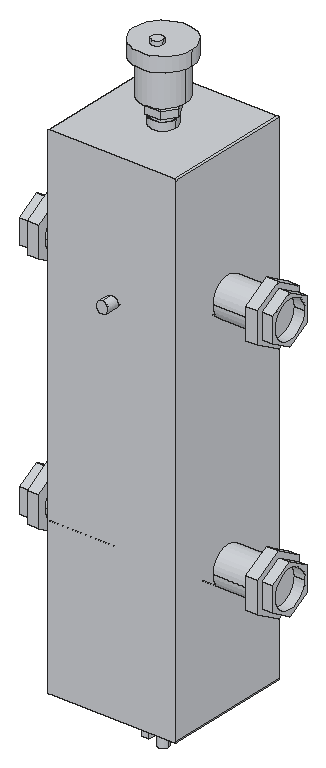
Revit family "307_4613999cdd7b489490dcd40d072a99", category Pipe Accessories, Revit 2022
Family settings
  Round Connector Dimension = Use Diameter
  Part Type = Breaks Into
  Work Plane-Based = No
  Always vertical = Yes
  Cut with Voids When Loaded = No
  Shared = No
Parameters (values of type "2161 2")
  magiProductId = "b220c5fcef844040a3b514db8edb1e"
  magiProductFamilyId = "4613999cdd7b489490dcd40d072a99"
  magiPartTypeId = 307
  isMeasuringValve [instance] = no
  ang2D [instance] = 0.00°
  W2D = 25 mm
  VersionID = "2.0/2018.5.23.1/FAR_2161_001"
  Use Minimum Symbol Size [instance] = yes
  TR1 = 38.25 mm
  TR = 29.75 mm
  RT2 = 15.3 mm
  RT1 = 20.4 mm
  RT = 7.5 mm
  RR3 = 15 mm
  RR = 17 mm
  R2 = 7.5 mm
  R = 25 mm
  QmdConnectorList = "301;D;302;D"
  Productdata [instance] = "© MagiCAD Group, all rights reserved"
  NR1 = 9.375 mm
  NR = 6.75 mm
  Manufacturer = "FAR"
  Maintenance Zone Under Depth [instance] = 564 mm
  Maintenance Zone Right Depth [instance] = 335 mm
  Maintenance Zone Over Depth [instance] = 280 mm
  Maintenance Zone Left Depth [instance] = 335 mm
  Maintenance Zone Front Depth [instance] = 101 mm
  Maintenance Zone Back Depth [instance] = 85 mm
  Maintenance Zone Front Visibility [instance] = no
  MC Product Code = "2161 2"
  LM = 275 mm
  LL = 167.5 mm
  L2D_Min = 3048 mm
  L2D = 201 mm
  L1__ve = -L1  # -15 mm
  L1 = 15 mm
  H__ve = -H  # -101 mm
  HT1 = 175 mm
  H = 101 mm
  G2__ve = -G2  # -170 mm
  G2 = 170 mm
  G = 85 mm
  FT__ve = -FT  # -15 mm
  FT = 15 mm
  ER = 4.75 mm
  EE = 8 mm
  E4 = 9.5 mm
  E3 = 19 mm
  E2 = 47.5 mm
  E12__ve = -E12  # -10 mm
  E12 = 10 mm
  Description = "Hydraulic separator, female unions, air vent and drain valve"
  Default Elevation = 0 mm
  DM3 = 40 mm
  DM2 = 32.5 mm
  D = 50 mm
  CenSd_RT2_6 = RT2 * cos(30.00°)  # 13.25 mm
  CenSd_RT1_6 = RT1 * cos(30.00°)  # 17.667 mm
  CenSd_DM3_6 = DM3 * cos(30.00°)  # 34.641 mm
  CenSd_DM2_6 = DM2 * cos(30.00°)  # 28.146 mm
  Clearance Zone Height Depth [instance] = 280 mm
  Clearance Zone Circular Radius [instance] = 167.5 mm
  Clearance Zone Visibility [instance] = no
  C = 320 mm
  B = 185 mm
Types (4, lengths in mm): name | magiProductId | TR1 | TR | RT2 | RT1 | RR | R | Productdata | Maintenance Zone Under Depth | Maintenance Zone Right Depth | Maintenance Zone Over Depth | Maintenance Zone Left Depth | Maintenance Zone Front Depth | Maintenance Zone Back Depth | MC Product Code | LM | LL | H__ve | HT1 | H | G2__ve | G2 | G | DM3 | DM2 | D | CenSd_RT2_6 | CenSd_RT1_6 | CenSd_DM3_6 | CenSd_DM2_6 | Clearance Zone Height Depth | Clearance Zone Circular Radius | C | B
  2161 1 | "da555b7985444e7baef8a66cbeeef3" | 27 | 21 | 10.8 | 14.4 | 12 | 12.5 | "© Progman Oy, all rights reserved" | 413 | 201 | 230 | 201 | 77 | 60 | "2161 1" | 141 | 100.5 | -77 | 125 | 77 | -120 | 120 | 60 | 20 | 16.25 | 25 | 9.353 | 12.471 | 17.321 | 14.073 | 230 | 101 | 220 | 135
  2161 112 | "b5faa296af4049c9aea8528f049d89" | 33.75 | 26.25 | 13.5 | 18 | 15 | 20 | "© Progman Oy, all rights reserved" | 474 | 264 | 250 | 264 | 91 | 75 | "2161 112" | 204 | 132 | -91 | 145 | 91 | -150 | 150 | 75 | 32 | 26 | 40 | 11.691 | 15.588 | 27.713 | 22.517 | 250 | 132 | 260 | 155
  2161 114 | "f38e94c4566840a985c9f7a9fe6514" | 29.25 | 22.75 | 11.7 | 15.6 | 13 | 16 | "© Progman Oy, all rights reserved" | 444 | 236 | 240 | 236 | 81 | 65 | "2161 114" | 176 | 118 | -81 | 135 | 81 | -130 | 130 | 65 | 25.6 | 20.8 | 32 | 10.132 | 13.51 | 22.17 | 18.013 | 230 | 118 | 240 | 145
  2161 2 | "b220c5fcef844040a3b514db8edb1e" | 38.25 | 29.75 | 15.3 | 20.4 | 17 | 25 | "© MagiCAD Group, all rights reserved" | 564 | 335 | 280 | 335 | 101 | 85 | "2161 2" | 275 | 167.5 | -101 | 175 | 101 | -170 | 170 | 85 | 40 | 32.5 | 50 | 13.25 | 17.667 | 34.641 | 28.146 | 280 | 167.5 | 320 | 185
Reference planes
  plane 1 "Center (Front/Back)": y = 0
  plane 2 "XYPLANE": z = 0
  plane 3 "Center (Left/Right)": x = 0
  plane 4 "619": y = -10
  plane 5 "617": z = 275.25
  plane 6 "616": z = 256.25
  plane 7 "615": z = 208.75
  plane 8 "614": z = 199.25
  plane 9 "613": z = 189.75
  plane 10 "612": z = 185
  plane 11 "574": z = -540
  plane 12 "555": x = -137.5
  plane 13 "554": x = -152.5
  plane 14 "548": y = 85
  plane 15 "547": x = 85
  plane 16 "516": y = -101
  plane 17 "515": y = 85
  plane 18 "514": x = -335
  plane 19 "513": x = 335
  plane 20 "512": z = -564
  plane 21 "511": z = 280
  plane 22 "506": z = -509
  plane 23 "505": z = -522
  plane 24 "504": z = -542
  plane 25 "503": z = -507
  plane 26 "502": z = -517
  plane 27 "482": z = -530
  plane 28 "470": x = -5
  plane 29 "469": x = 5
  plane 30 "464": y = -20
  plane 31 "425": z = -495
  plane 32 "421": z = -505
  plane 33 "412": x = -85
  plane 34 "410": z = 175
  plane 35 "399": z = -320
  plane 36 "309": x = 152.5
  plane 37 "77": y = 0
  plane 38 "76": z = 0
  plane 39 "75": x = 0
  plane 40 "74": x = -167.5
  plane 41 "73": x = 167.5
Forms (mm)
  Extrusion 1, solid
    sketch origin (-750, 0, 275.25) x (1, 0, 0) y (0, 1, 0)
      loop
        circle (750, -10) r 7.5
    from 0 to 4.75 <- "ER"
  Extrusion 2, solid
    sketch origin (-750, 0, 256.25) x (1, 0, 0) y (0, 1, 0)
      loop
        circle (750, 0) r 38.25
    from 0 to 19 <- "E3"
  Extrusion 3, solid
    sketch origin (-750, 0, 208.75) x (1, 0, 0) y (0, 1, 0)
      loop
        circle (750, 0) r 29.75
    from 0 to 47.5 <- "E2"
  Extrusion 4, solid
    sketch origin (-750, 0, 199.25) x (1, 0, 0) y (0, 1, 0)
      loop
        line (765.3, 0) -> (757.65, 13.25) -> (742.35, 13.25) -> (734.7, 0) -> (742.35, -13.25) -> (757.65, -13.25) -> (765.3, 0)
    from 0 to 9.5 <- "E4"
  Extrusion 5, solid
    sketch origin (-750, 0, 189.75) x (1, 0, 0) y (0, 1, 0)
      loop
        line (770.4, 0) -> (760.2, 17.667) -> (739.8, 17.667) -> (729.6, 0) -> (739.8, -17.667) -> (760.2, -17.667) -> (770.4, 0)
    from 0 to 9.5 <- "E4"
  Extrusion 6, solid
    sketch origin (-750, 0, 185) x (1, 0, 0) y (0, 1, 0)
      loop
        circle (750, 0) r 15.3
    from 0 to 4.75 <- "ER"
  Extrusion 7, solid
    sketch origin (167.5, -750, 0) x (0, 1, 0) y (0, 0, 1)
      loop
        line (750, -287.5) -> (721.854, -303.75) -> (721.854, -336.25) -> (750, -352.5) -> (778.146, -336.25) -> (778.146, -303.75) -> (750, -287.5)
      loop
        circle (750, -320) r 25
    from 0 to -15 <- "FT__ve"
  Extrusion 8, solid
    sketch origin (167.5, -750, 0) x (0, 1, 0) y (0, 0, 1)
      loop
        line (750, 32.5) -> (721.854, 16.25) -> (721.854, -16.25) -> (750, -32.5) -> (778.146, -16.25) -> (778.146, 16.25) -> (750, 32.5)
      loop
        circle (750, 0) r 25
    from 0 to -15 <- "FT__ve"
  Extrusion 9, solid
    sketch origin (-167.5, -750, 0) x (0, 1, 0) y (0, 0, 1)
      loop
        line (750, 32.5) -> (721.854, 16.25) -> (721.854, -16.25) -> (750, -32.5) -> (778.146, -16.25) -> (778.146, 16.25) -> (750, 32.5)
      loop
        circle (750, 0) r 25
    from 0 to 15 <- "FT"
  Extrusion 10, solid
    sketch origin (-167.5, -750, 0) x (0, 1, 0) y (0, 0, 1)
      loop
        line (750, -287.5) -> (721.854, -303.75) -> (721.854, -336.25) -> (750, -352.5) -> (778.146, -336.25) -> (778.146, -303.75) -> (750, -287.5)
      loop
        circle (750, -320) r 25
    from 0 to 15 <- "FT"
  Extrusion 11, solid
    sketch origin (-750, 0, -530) x (1, 0, 0) y (0, 1, 0)
      loop
        circle (750, 0) r 15
    from 0 to -10
  Extrusion 12, solid
    sketch origin (-750, 0, -540) x (1, 0, 0) y (0, 1, 0)
      loop
        circle (750, 0) r 6.75
    from 0 to -24
  Extrusion 13, solid
    sketch origin (-152.5, -750, 0) x (0, 1, 0) y (0, 0, 1)
      loop
        line (750, -280) -> (715.359, -300) -> (715.359, -340) -> (750, -360) -> (784.641, -340) -> (784.641, -300) -> (750, -280)
    from 0 to 15 <- "L1"
  Extrusion 14, solid
    sketch origin (-152.5, -750, 0) x (0, 1, 0) y (0, 0, 1)
      loop
        line (750, 40) -> (715.359, 20) -> (715.359, -20) -> (750, -40) -> (784.641, -20) -> (784.641, 20) -> (750, 40)
    from 0 to 15 <- "L1"
  Extrusion 15, solid
    sketch origin (152.5, -750, 0) x (0, 1, 0) y (0, 0, 1)
      loop
        line (750, -280) -> (715.359, -300) -> (715.359, -340) -> (750, -360) -> (784.641, -340) -> (784.641, -300) -> (750, -280)
    from 0 to -15 <- "L1__ve"
  Extrusion 16, solid
    sketch origin (152.5, -750, 0) x (0, 1, 0) y (0, 0, 1)
      loop
        line (750, 40) -> (715.359, 20) -> (715.359, -20) -> (750, -40) -> (784.641, -20) -> (784.641, 20) -> (750, 40)
    from 0 to -15 <- "L1__ve"
  Extrusion 17, solid
    sketch origin (750, 85, 0) x (-1, 0, 0) y (0, 0, 1)
      loop
        arc (833, -495) -> (834.414, -494.414) -> (835, -493) r 2
        line (835, -493) -> (835, 173)
        arc (835, 173) -> (834.414, 174.414) -> (833, 175) r 2
        line (833, 175) -> (667, 175)
        arc (667, 175) -> (665.586, 174.414) -> (665, 173) r 2
        line (665, 173) -> (665, -493)
        arc (665, -493) -> (665.586, -494.414) -> (667, -495) r 2
        line (667, -495) -> (833, -495)
    from 0 to -170 <- "G2__ve"
  Blend 18, solid, visible <- "Maintenance Zone Front Visibility"
    base sketch origin (-750, 0, 280) x (1, 0, 0) y (0, 1, 0)
      loop
        line (415, -101) -> (1085, -101) -> (1085, 85) -> (415, 85) -> (415, -101)
    top sketch origin (-750, 0, 280) x (1, 0, 0) y (0, 1, 0)
      loop
        line (415, -101) -> (1085, -101) -> (1085, 85) -> (415, 85) -> (415, -101)
    from 0 to -844
  Extrusion 19, solid, visible <- "Clearance Zone Visibility"
    sketch origin (-750, 0, 0) x (1, 0, 0) y (0, 1, 0)
      loop
        circle (750, 0) r 167.5
    from 0 to 280 <- "Clearance Zone Height Depth"
  Extrusion 20, solid
    sketch origin (750, 0, 0) x (-1, 0, 0) y (0, 0, 1)
      loop
        circle (750, -517) r 8
    from 0 to -20
  Extrusion 21, solid
    sketch origin (750, -20, 0) x (-1, 0, 0) y (0, 0, 1)
      loop
        line (755, -509) -> (755, -507) -> (745, -507) -> (745, -509)
        arc (745, -509) -> (740, -515.5) -> (745, -522) r 6.725
        line (745, -522) -> (745, -542) -> (755, -542) -> (755, -522)
        arc (755, -522) -> (760, -515.5) -> (755, -509) r 6.725
    from 0 to -10
  Extrusion 22, solid
    sketch origin (-750, 0, -495) x (1, 0, 0) y (0, 1, 0)
      loop
        circle (750, 0) r 17
    from 0 to -10 <- "E12__ve"
  Extrusion 23, solid
    sketch origin (-750, 0, -505) x (1, 0, 0) y (0, 1, 0)
      loop
        circle (750, 0) r 9.375
    from 0 to -25
  Extrusion 24, solid
    sketch origin (750, 0, 0) x (-1, 0, 0) y (0, 0, 1)
      loop
        circle (750, 0) r 7.5
    from 0 to -101 <- "H__ve"
  Extrusion 25, solid
    sketch origin (-750, 0, 175) x (1, 0, 0) y (0, 1, 0)
      loop
        circle (750, 0) r 17
    from 0 to 10 <- "E12"
  Extrusion 26, solid
    sketch origin (-137.5, -750, 0) x (0, 1, 0) y (0, 0, 1)
      loop
        circle (750, -320) r 25
    from 0 to 275 <- "LM"
  Extrusion 27, solid
    sketch origin (-137.5, -750, 0) x (0, 1, 0) y (0, 0, 1)
      loop
        circle (750, 0) r 25
    from 0 to 275 <- "LM"
  Extrusion 28, solid, not visible
    sketch origin (-167.5, -750, 0) x (0, 1, 0) y (0, 0, 1)
      loop
        circle (750, 0) r 10
    from 0 to 10
  Extrusion 29, solid, not visible
    sketch origin (167.5, -750, 0) x (0, 1, 0) y (0, 0, 1)
      loop
        circle (750, 0) r 10
    from 0 to -10
Lines and regions (mm)
  reference lines, not visible
    curve 1: circle (2, 2, 0) r 1 normal (0, 0, 1)
  reference lines
    curve 2: line (0, 0, 199.25) -> (-2.7, -4.677, 199.25)
    curve 3: line (0, 0, 199.25) -> (-5.4, 0, 199.25)
    curve 4: line (0, 0, 199.25) -> (-2.7, 4.677, 199.25)
    curve 5: line (0, 0, 189.75) -> (-3.6, -6.235, 189.75)
    curve 6: line (0, 0, 189.75) -> (-7.2, 0, 189.75)
    curve 7: line (0, 0, 189.75) -> (-3.6, 6.235, 189.75)
    curve 8: line (167.5, 0, -320) -> (167.5, -7.036, -324.063)
    curve 9: line (167.5, 0, -320) -> (167.5, 0, -328.125)
    curve 10: line (167.5, 0, -320) -> (167.5, 7.036, -324.063)
    curve 11: line (167.5, 0, 0) -> (167.5, -7.036, -4.063)
    curve 12: line (167.5, 0, 0) -> (167.5, 0, -8.125)
    curve 13: line (167.5, 0, 0) -> (167.5, 7.036, -4.063)
    curve 14: line (-167.5, 0, 0) -> (-167.5, 7.036, -4.062)
    curve 15: line (-167.5, 0, 0) -> (-167.5, 0, -8.125)
    curve 16: line (-167.5, 0, 0) -> (-167.5, -7.036, -4.062)
    curve 17: line (-167.5, 0, -320) -> (-167.5, 7.036, -324.063)
    curve 18: line (-167.5, 0, -320) -> (-167.5, 0, -328.125)
    curve 19: line (-167.5, 0, -320) -> (-167.5, -7.036, -324.063)
    curve 20: line (-152.5, 0, -320) -> (-152.5, 8.66, -325)
    curve 21: line (-152.5, 0, -320) -> (-152.5, 0, -330)
    curve 22: line (-152.5, 0, -320) -> (-152.5, -8.66, -325)
    curve 23: line (-152.5, 0, 0) -> (-152.5, 8.66, -5)
    curve 24: line (-152.5, 0, 0) -> (-152.5, 0, -10)
    curve 25: line (-152.5, 0, 0) -> (-152.5, -8.66, -5)
    curve 26: line (152.5, 0, -320) -> (152.5, -8.66, -325)
    curve 27: line (152.5, 0, -320) -> (152.5, 0, -330)
    curve 28: line (152.5, 0, -320) -> (152.5, 8.66, -325)
    curve 29: line (152.5, 0, 0) -> (152.5, -8.66, -5)
    curve 30: line (152.5, 0, 0) -> (152.5, 0, -10)
    curve 31: line (152.5, 0, 0) -> (152.5, 8.66, -5)
    curve 32: line (5, -20, -509) -> (5, -20, -522)
    curve 33: line (-5, -20, -522) -> (-5, -20, -509)
Dimensions and locks
  plane 1 "Center (Front/Back)" to curve 1 = 2 mm
  locked: plane 37 "77" to plane 4 "619" at 10
  "E3": plane 6 "616" to plane 5 "617"
  "E2": plane 7 "615" to plane 6 "616"
  "E4": plane 8 "614" to plane 7 "615"
  "E4": plane 9 "613" to plane 8 "614"
  "ER": plane 10 "612" to plane 9 "613"
  "E12": plane 34 "410" to plane 10 "612"
  locked: plane 27 "482" to plane 11 "574" at 10
  "L1": plane 13 "554" to plane 12 "555"
  "FT": plane 40 "74" to plane 13 "554"
  "G": plane 1 "Center (Front/Back)" to plane 14 "548"
  "G": plane 3 "Center (Left/Right)" to plane 15 "547"
  "Maintenance Zone Front Depth": plane 1 "Center (Front/Back)" to plane 16 "516"
  "Maintenance Zone Back Depth": plane 1 "Center (Front/Back)" to plane 17 "515"
  "Maintenance Zone Left Depth": plane 3 "Center (Left/Right)" to plane 18 "514"
  "Maintenance Zone Right Depth": plane 3 "Center (Left/Right)" to plane 19 "513"
  "Maintenance Zone Under Depth": plane 2 "XYPLANE" to plane 20 "512"
  "Maintenance Zone Over Depth": plane 2 "XYPLANE" to plane 21 "511"
  locked: plane 25 "503" to plane 22 "506" at 2
  locked: plane 24 "504" to plane 23 "505" at 20
  locked: plane 26 "502" to plane 24 "504" at 25
  locked: plane 26 "502" to plane 25 "503" at 10
  locked: plane 32 "421" to plane 26 "502" at 12
  locked: plane 32 "421" to plane 27 "482" at 25
  locked: plane 3 "Center (Left/Right)" to plane 28 "470" at 5
  locked: plane 3 "Center (Left/Right)" to plane 29 "469" at 5
  locked: plane 37 "77" to plane 30 "464" at 20
  "E12": plane 32 "421" to plane 31 "425"
  "B": plane 35 "399" to plane 32 "421"
  "G": plane 3 "Center (Left/Right)" to plane 33 "412"
  "HT1": plane 2 "XYPLANE" to plane 34 "410"
  "C": plane 2 "XYPLANE" to plane 35 "399"
  "FT": plane 41 "73" to plane 36 "309"
  locked: plane 1 "Center (Front/Back)" to plane 37 "77"
  locked: plane 2 "XYPLANE" to plane 38 "76"
  locked: plane 3 "Center (Left/Right)" to plane 39 "75"
  "LL": plane 3 "Center (Left/Right)" to plane 40 "74"
  "LL": plane 3 "Center (Left/Right)" to plane 41 "73"
  "CenSd_RT2_6": curve 2 to Extrusion 4 sketch curve  (x2)
  "CenSd_RT2_6": curve 3 to Extrusion 4 sketch curve  (x2)
  "CenSd_RT2_6": curve 4 to Extrusion 4 sketch curve  (x2)
  Extrusion 4 sketch curve to Extrusion 4 sketch curve = 0 mm  (x12)
  "CenSd_RT1_6": curve 5 to Extrusion 5 sketch curve  (x2)
  "CenSd_RT1_6": curve 6 to Extrusion 5 sketch curve  (x2)
  "CenSd_RT1_6": curve 7 to Extrusion 5 sketch curve  (x2)
  Extrusion 5 sketch curve to Extrusion 5 sketch curve = 0 mm  (x12)
  "CenSd_DM2_6": curve 8 to Extrusion 7 sketch curve  (x2)
  "CenSd_DM2_6": curve 9 to Extrusion 7 sketch curve  (x2)
  "CenSd_DM2_6": curve 10 to Extrusion 7 sketch curve  (x2)
  Extrusion 7 sketch curve to Extrusion 7 sketch curve = 0 mm  (x12)
  "CenSd_DM2_6": curve 11 to Extrusion 8 sketch curve  (x2)
  "CenSd_DM2_6": curve 12 to Extrusion 8 sketch curve  (x2)
  "CenSd_DM2_6": curve 13 to Extrusion 8 sketch curve  (x2)
  Extrusion 8 sketch curve to Extrusion 8 sketch curve = 0 mm  (x12)
  "CenSd_DM2_6": curve 14 to Extrusion 9 sketch curve  (x2)
  "CenSd_DM2_6": curve 15 to Extrusion 9 sketch curve  (x2)
  "CenSd_DM2_6": curve 16 to Extrusion 9 sketch curve  (x2)
  Extrusion 9 sketch curve to Extrusion 9 sketch curve = 0 mm  (x12)
  "CenSd_DM2_6": curve 17 to Extrusion 10 sketch curve  (x2)
  "CenSd_DM2_6": curve 18 to Extrusion 10 sketch curve  (x2)
  "CenSd_DM2_6": curve 19 to Extrusion 10 sketch curve  (x2)
  Extrusion 10 sketch curve to Extrusion 10 sketch curve = 0 mm  (x12)
  "CenSd_DM3_6": curve 20 to Extrusion 13 sketch curve  (x2)
  "CenSd_DM3_6": curve 21 to Extrusion 13 sketch curve  (x2)
  "CenSd_DM3_6": curve 22 to Extrusion 13 sketch curve  (x2)
  Extrusion 13 sketch curve to Extrusion 13 sketch curve = 0 mm  (x12)
  "CenSd_DM3_6": curve 23 to Extrusion 14 sketch curve  (x2)
  "CenSd_DM3_6": curve 24 to Extrusion 14 sketch curve  (x2)
  "CenSd_DM3_6": curve 25 to Extrusion 14 sketch curve  (x2)
  Extrusion 14 sketch curve to Extrusion 14 sketch curve = 0 mm  (x12)
  "CenSd_DM3_6": curve 26 to Extrusion 15 sketch curve  (x2)
  "CenSd_DM3_6": curve 27 to Extrusion 15 sketch curve  (x2)
  "CenSd_DM3_6": curve 28 to Extrusion 15 sketch curve  (x2)
  Extrusion 15 sketch curve to Extrusion 15 sketch curve = 0 mm  (x12)
  "CenSd_DM3_6": curve 29 to Extrusion 16 sketch curve  (x2)
  "CenSd_DM3_6": curve 30 to Extrusion 16 sketch curve  (x2)
  "CenSd_DM3_6": curve 31 to Extrusion 16 sketch curve  (x2)
  Extrusion 16 sketch curve to Extrusion 16 sketch curve = 0 mm  (x12)
  Extrusion 17 sketch curve to Extrusion 17 sketch curve = 0 mm  (x16)
  Blend 18 sketch curve to Blend 18 sketch curve = 0 mm  (x16)
  Extrusion 21 sketch curve to Extrusion 21 sketch curve = 0 mm  (x16)
  "RT": radius of Extrusion 1 sketch curve
  "TR1": radius of Extrusion 2 sketch curve
  "TR": radius of Extrusion 3 sketch curve
  "RT2": radius of Extrusion 6 sketch curve
  "R": radius of Extrusion 7 sketch curve
  "R": radius of Extrusion 8 sketch curve
  "R": radius of Extrusion 9 sketch curve
  "R": radius of Extrusion 10 sketch curve
  "RR3": radius of Extrusion 11 sketch curve
  "NR": radius of Extrusion 12 sketch curve
  radius of Extrusion 17 sketch curve = 2 mm  (x4)
  "Clearance Zone Circular Radius": radius of Extrusion 19 sketch curve
  "EE": radius of Extrusion 20 sketch curve
  "RR": radius of Extrusion 22 sketch curve
  "NR1": radius of Extrusion 23 sketch curve
  "R2": radius of Extrusion 24 sketch curve
  "RR": radius of Extrusion 25 sketch curve
  "R": radius of Extrusion 26 sketch curve
  "R": radius of Extrusion 27 sketch curve
  locked: curve 3 to curve 2 (angle 60.00°)
  locked: curve 4 to curve 3 (angle 60.00°)
  locked: curve 4 to curve 2 (angle 120.00°)
  locked: curve 6 to curve 5 (angle 60.00°)
  locked: curve 7 to curve 6 (angle 60.00°)
  locked: curve 7 to curve 5 (angle 120.00°)
  locked: curve 9 to curve 8 (angle 60.00°)
  locked: curve 10 to curve 9 (angle 60.00°)
  locked: curve 10 to curve 8 (angle 120.00°)
  locked: curve 12 to curve 11 (angle 60.00°)
  locked: curve 13 to curve 12 (angle 60.00°)
  locked: curve 13 to curve 11 (angle 120.00°)
  locked: curve 15 to curve 14 (angle 60.00°)
  locked: curve 16 to curve 15 (angle 60.00°)
  locked: curve 16 to curve 14 (angle 120.00°)
  locked: curve 18 to curve 17 (angle 60.00°)
  locked: curve 19 to curve 18 (angle 60.00°)
  locked: curve 19 to curve 17 (angle 120.00°)
  locked: curve 21 to curve 20 (angle 60.00°)
  locked: curve 22 to curve 21 (angle 60.00°)
  locked: curve 22 to curve 20 (angle 120.00°)
  locked: curve 24 to curve 23 (angle 60.00°)
  locked: curve 25 to curve 24 (angle 60.00°)
  locked: curve 25 to curve 23 (angle 120.00°)
  locked: curve 27 to curve 26 (angle 60.00°)
  locked: curve 28 to curve 27 (angle 60.00°)
  locked: curve 28 to curve 26 (angle 120.00°)
  locked: curve 30 to curve 29 (angle 60.00°)
  locked: curve 31 to curve 30 (angle 60.00°)
  locked: curve 31 to curve 29 (angle 120.00°)
  aligned and locked: level to plane 2 "XYPLANE"
  aligned and locked: plane 4 "619" to Extrusion 1 sketch curve
  aligned and locked: plane 39 "75" to Extrusion 1 sketch curve
  aligned and locked: plane 37 "77" to Extrusion 2 sketch curve
  aligned and locked: plane 39 "75" to Extrusion 2 sketch curve
  aligned and locked: plane 37 "77" to Extrusion 3 sketch curve
  aligned and locked: plane 39 "75" to Extrusion 3 sketch curve
  aligned and locked: plane 37 "77" to curve 4
  aligned and locked: plane 39 "75" to curve 4
  aligned and locked: plane 37 "77" to curve 7
  aligned and locked: plane 39 "75" to curve 7
  aligned and locked: plane 37 "77" to Extrusion 6 sketch curve
  aligned and locked: plane 39 "75" to Extrusion 6 sketch curve
  aligned and locked: plane 35 "399" to curve 10
  aligned and locked: curve 10 to plane 37 "77"
  aligned and locked: plane 35 "399" to Extrusion 7 sketch curve
  aligned and locked: Extrusion 7 sketch curve to plane 37 "77"
  aligned and locked: curve 12 to plane 37 "77"
  aligned and locked: plane 38 "76" to curve 12
  aligned and locked: Extrusion 8 sketch curve to plane 37 "77"
  aligned and locked: plane 38 "76" to Extrusion 8 sketch curve
  aligned and locked: curve 16 to plane 37 "77"
  aligned and locked: plane 38 "76" to curve 16
  aligned and locked: Extrusion 9 sketch curve to plane 37 "77"
  aligned and locked: plane 38 "76" to Extrusion 9 sketch curve
  aligned and locked: plane 35 "399" to curve 18
  aligned and locked: curve 18 to plane 37 "77"
  aligned and locked: plane 35 "399" to Extrusion 10 sketch curve
  aligned and locked: Extrusion 10 sketch curve to plane 37 "77"
  aligned and locked: plane 37 "77" to Extrusion 11 sketch curve
  aligned and locked: plane 39 "75" to Extrusion 11 sketch curve
  aligned and locked: plane 37 "77" to Extrusion 12 sketch curve
  aligned and locked: plane 39 "75" to Extrusion 12 sketch curve
  aligned and locked: plane 35 "399" to curve 22
  aligned and locked: curve 22 to plane 37 "77"
  aligned and locked: curve 24 to plane 37 "77"
  aligned and locked: plane 38 "76" to curve 24
  aligned and locked: plane 35 "399" to curve 28
  aligned and locked: curve 28 to plane 37 "77"
  aligned and locked: curve 30 to plane 37 "77"
  aligned and locked: plane 38 "76" to curve 30
  aligned and locked: Extrusion 17 sketch curve to plane 33 "412"
  aligned and locked: plane 34 "410" to Extrusion 17 sketch curve
  aligned and locked: plane 15 "547" to Extrusion 17 sketch curve
  aligned and locked: Extrusion 17 sketch curve to plane 31 "425"
  aligned and locked: plane 18 "514" to Blend 18 sketch curve  (x4)
  aligned and locked: plane 16 "516" to Blend 18 sketch curve  (x4)
  aligned and locked: plane 17 "515" to Blend 18 sketch curve  (x4)
  aligned and locked: plane 19 "513" to Blend 18 sketch curve  (x4)
  aligned and locked: Blend 18 to plane 20 "512"
  aligned and locked: plane 37 "77" to Extrusion 19 sketch curve
  aligned and locked: plane 39 "75" to Extrusion 19 sketch curve
  aligned and locked: plane 26 "502" to Extrusion 20 sketch curve
  aligned and locked: plane 39 "75" to Extrusion 20 sketch curve
  aligned and locked: Extrusion 21 sketch curve to plane 28 "470"
  aligned and locked: plane 22 "506" to Extrusion 21 sketch curve  (x2)
  aligned and locked: plane 25 "503" to Extrusion 21 sketch curve  (x2)
  aligned and locked: plane 28 "470" to Extrusion 21 sketch curve  (x2)
  aligned and locked: plane 29 "469" to Extrusion 21 sketch curve  (x3)
  aligned and locked: plane 29 "469" to curve 32
  aligned and locked: plane 22 "506" to curve 32
  aligned and locked: plane 23 "505" to curve 32
  aligned and locked: plane 23 "505" to Extrusion 21 sketch curve  (x2)
  aligned and locked: plane 24 "504" to Extrusion 21 sketch curve  (x2)
  aligned and locked: curve 33 to plane 28 "470"
  aligned and locked: plane 23 "505" to curve 33
  aligned and locked: plane 22 "506" to curve 33
  aligned and locked: plane 37 "77" to Extrusion 22 sketch curve
  aligned and locked: plane 39 "75" to Extrusion 22 sketch curve
  aligned and locked: plane 37 "77" to Extrusion 23 sketch curve
  aligned and locked: plane 39 "75" to Extrusion 23 sketch curve
  aligned and locked: plane 38 "76" to Extrusion 24 sketch curve
  aligned and locked: plane 39 "75" to Extrusion 24 sketch curve
  aligned and locked: plane 37 "77" to Extrusion 25 sketch curve
  aligned and locked: plane 39 "75" to Extrusion 25 sketch curve
  aligned and locked: plane 35 "399" to Extrusion 26 sketch curve
  aligned and locked: Extrusion 26 sketch curve to plane 37 "77"
  aligned and locked: Extrusion 27 sketch curve to plane 37 "77"
  aligned and locked: plane 38 "76" to Extrusion 27 sketch curve
  aligned and locked: Extrusion 28 sketch curve to plane 37 "77"
  aligned and locked: plane 38 "76" to Extrusion 28 sketch curve
  aligned and locked: Extrusion 29 sketch curve to plane 37 "77"
  aligned and locked: plane 38 "76" to Extrusion 29 sketch curve
Automatic sketch dimensions
  Extrusion 21 sketch curve to plane 29 "469" = 1.725 mm
  plane 28 "470" to Extrusion 21 sketch curve = 1.725 mm
  Extrusion 28 sketch curve to plane 4 "619" = 0 mm
  Extrusion 29 sketch curve to plane 4 "619" = 0 mm
  plane 3 "Center (Left/Right)" to curve 1 = 2 mm
  radius of curve 1 = 1 mm
Connectors
  piping at (-167.5, 0, 0), diameter 50, driven by "D"
    settings: on Extrusion 28, index 1, connector inside diameter 609.6 mm, connector length 0 mm, flow factor 0, pipe flow 0.0 L/s, pressure drop 0.0 Pa, fitting loss kfactor 0, connector angle 0.00°, fixture units 0, engagement length 0 mm, angle of deflection 0.00°, flow configuration 0, flow direction 0, fitting loss method 0, system type 29, joint type 0, gender type 0, connector reference index 2, connector utility 0, adjustable connector no, is connector primary yes, connector description ""
  piping at (167.5, 0, 0), diameter 50, driven by "D"
    settings: on Extrusion 29, index 2, connector inside diameter 609.6 mm, connector length 0 mm, flow factor 0, pipe flow 0.0 L/s, pressure drop 0.0 Pa, fitting loss kfactor 0, connector angle 0.00°, fixture units 0, engagement length 0 mm, angle of deflection 0.00°, flow configuration 0, flow direction 0, fitting loss method 0, system type 29, joint type 0, gender type 0, connector reference index 1, connector utility 0, adjustable connector no, is connector primary no, connector description ""
